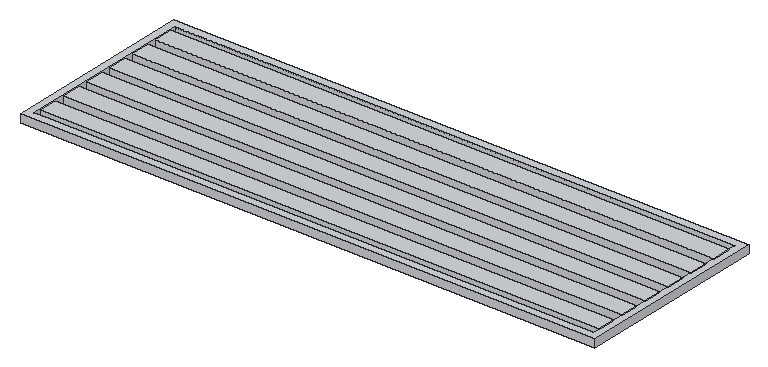
Revit family "雨水口", category 常规模型, Revit 2018
Family settings
  可将钢筋附着到主体 = 否
  圆形连接件大小 = 使用直径
  零件类型 = 标准
  加载时剪切的空心 = 否
  共享 = 否
  房间计算点 = 否
Parameters
  built-in parameter 1001306 [instance] = 1500 mm
  连接码 [instance] = 0
  起点埋深 [instance] = 0
  起点地面标高 [instance] = 0
  起始点号 [instance] = ""
  行X列 [instance] = ""
  终点埋深 [instance] = 0
  终点地面标高 [instance] = 0
  终止点号 [instance] = ""
  线型 [instance] = 0
  类型 [instance] = ""
  管线长度 [instance] = 0
  管径或断面尺寸 [instance] = ""
  电缆根数 [instance] = ""
  电压 [instance] = ""
  流向 [instance] = 0
  材质 [instance] = none
  权属单位 [instance] = ""
  新旧管线 [instance] = yes
  探测日期 [instance] = ""
  总孔数 [instance] = ""
  已用空孔 [instance] = ""
  宽度3 = 100 mm
  宽度2 = 50 mm
  宽度 = 20 mm
  宽 [instance] = 500 mm
  套管尺寸（孔径） [instance] = ""
  备注 [instance] = ""
  埋设类型 [instance] = ""
  埋设日期 [instance] = ""
Reference planes
  plane 1 "中心(前/后)": y = 0
  plane 2: z = 0
  plane 3 "左": x = 0
  plane 4 "右": x = 1500
  plane 5: y = 250
  plane 6: y = -250
Forms (mm)
  Extrusion 1, solid
    sketch origin (0, 0, 0) x (1, 0, 0) y (0, 1, 0)
      loop
        line (0, 250) -> (0, -250) -> (1500, -250) -> (1500, 250) -> (0, 250)
      loop
        line (20, 230) -> (20, -230) -> (1480, -230) -> (1480, 230) -> (20, 230)
    from 0 to 20
  Extrusion 2, solid
    sketch origin (0, 292.5, 0) x (1, 0, 0) y (0, 1, 0)
      loop
        line (20, -130) -> (1480, -130) -> (1480, -80) -> (20, -80) -> (20, -130)
    from 0 to 20
  Extrusion 3, solid
    sketch origin (0, 217.5, 0) x (1, 0, 0) y (0, 1, 0)
      loop
        line (20, -130) -> (1480, -130) -> (1480, -80) -> (20, -80) -> (20, -130)
    from 0 to 20
  Extrusion 4, solid
    sketch origin (0, 142.5, 0) x (1, 0, 0) y (0, 1, 0)
      loop
        line (20, -130) -> (1480, -130) -> (1480, -80) -> (20, -80) -> (20, -130)
    from 0 to 20
  Extrusion 5, solid
    sketch origin (0, -292.5, 0) x (1, 0, 0) y (0, 1, 0)
      loop
        line (20, 130) -> (20, 80) -> (1480, 80) -> (1480, 130) -> (20, 130)
    from 0 to 20
  Extrusion 6, solid
    sketch origin (0, -217.5, 0) x (1, 0, 0) y (0, 1, 0)
      loop
        line (20, 130) -> (20, 80) -> (1480, 80) -> (1480, 130) -> (20, 130)
    from 0 to 20
  Extrusion 7, solid
    sketch origin (0, -142.5, 0) x (1, 0, 0) y (0, 1, 0)
      loop
        line (20, 130) -> (20, 80) -> (1480, 80) -> (1480, 130) -> (20, 130)
    from 0 to 20
Lines and regions (mm)
  reference lines
    curve 1: line (0, 0, 0) -> (1500, 0, 0)
Dimensions and locks
  "built-in parameter 1001306": plane 3 "左" to plane 4 "右"
  equal spacing: plane 5, plane 1 "中心(前/后)", plane 6
  "宽": plane 5 to plane 6
  "宽度": Extrusion 1 sketch curve to Extrusion 1 sketch curve  (x4)
  aligned and locked: plane 4 "右" to curve 1
  aligned and locked: plane 1 "中心(前/后)" to curve 1
  aligned and locked: plane 3 "左" to curve 1
  aligned and locked: level to plane 2
  aligned and locked: Extrusion 1 sketch curve to plane 5
  aligned and locked: plane 3 "左" to Extrusion 1 sketch curve
  aligned and locked: Extrusion 1 sketch curve to plane 6
  aligned and locked: Extrusion 1 sketch curve to plane 4 "右"
  aligned and locked: Extrusion 1 to plane 5
Automatic sketch dimensions
  Extrusion 2 sketch curve to plane 3 "左" = 20 mm
  plane 4 "右" to Extrusion 2 sketch curve = 20 mm
  plane 5 to Extrusion 2 sketch curve = 37.5 mm
  Extrusion 2 sketch curve to Extrusion 2 sketch curve = 50 mm
  Extrusion 3 sketch curve to plane 3 "左" = 20 mm
  plane 4 "右" to Extrusion 3 sketch curve = 20 mm
  plane 5 to Extrusion 3 sketch curve = 112.5 mm
  Extrusion 3 sketch curve to Extrusion 3 sketch curve = 50 mm
  Extrusion 4 sketch curve to plane 3 "左" = 20 mm
  plane 4 "右" to Extrusion 4 sketch curve = 20 mm
  plane 1 "中心(前/后)" to Extrusion 4 sketch curve = 62.5 mm
  plane 1 "中心(前/后)" to Extrusion 4 sketch curve = 12.5 mm
  plane 3 "左" to Extrusion 5 sketch curve = 20 mm
  Extrusion 5 sketch curve to plane 4 "右" = 20 mm
  plane 6 to Extrusion 5 sketch curve = 37.5 mm
  Extrusion 5 sketch curve to Extrusion 5 sketch curve = 50 mm
  plane 3 "左" to Extrusion 6 sketch curve = 20 mm
  Extrusion 6 sketch curve to plane 4 "右" = 20 mm
  plane 6 to Extrusion 6 sketch curve = 112.5 mm
  Extrusion 6 sketch curve to Extrusion 6 sketch curve = 50 mm
  plane 3 "左" to Extrusion 7 sketch curve = 20 mm
  Extrusion 7 sketch curve to plane 4 "右" = 20 mm
  plane 1 "中心(前/后)" to Extrusion 7 sketch curve = 62.5 mm
  plane 1 "中心(前/后)" to Extrusion 7 sketch curve = 12.5 mm
